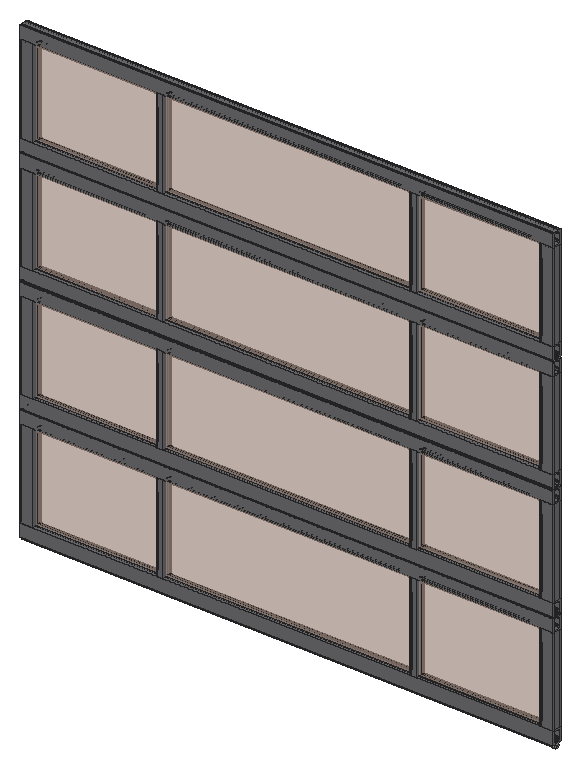
Revit family "GAS 12PUE CG", category Doors, host Wall, Revit 2024 (continued)
Forms (mm)
  Sweep 21, solid, material "ALUMINIUM CHAR (TEST)"
    profile origin (899.996, -68.525, 493) x (0, 0, -1) y (0, -1, 0)
      loop
        arc (-2.384, 57.368) -> (-2.167, 56.551) -> (-1.4, 56.192) r 1
        line (-1.4, 56.192) -> (-0.833, 56.892) -> (0, 56.892) -> (0, 54.893)
        arc (0, 54.893) -> (0.333, 54.559) -> (0.788, 54.681) r 0.471
        line (0.788, 54.681) -> (14.998, 68.891)
  Sweep 22, solid, material "ALUMINIUM CHAR (TEST)"
    path origin (-866.885, -68.525, 132.939) x (-1, 0, 0) y (0, 0, -1)
      loop
        line (323.108, -360.061) -> (323.108, 53.031) -> (-256.885, 53.031) -> (-256.885, -360.061) -> (323.108, -360.061)
    profile origin (-899.996, -68.525, 493) x (0, 0, 1) y (0, -1, 0)
      loop
        line (-14.998, 68.891) -> (-0.788, 54.681)
        arc (-0.788, 54.681) -> (-0.333, 54.559) -> (0, 54.893) r 0.471
        line (0, 54.893) -> (0, 56.892) -> (0.833, 56.892) -> (1.4, 56.192)
        arc (1.4, 56.192) -> (2.167, 56.551) -> (2.384, 57.368) r 1
        arc (2.384, 57.368) -> (2.295, 57.799) -> (1.9, 57.992) r 0.5
        line (1.9, 57.992) -> (-0.6, 57.992)
        arc (-0.6, 57.992) -> (-0.953, 57.846) -> (-1.1, 57.492) r 0.5
        line (-1.1, 57.492) -> (-1.1, 56.548) -> (-9.421, 64.869) -> (-6.899, 67.391) -> (-6.899, 68.791) -> (1.6, 68.791)
        arc (1.6, 68.791) -> (2.165, 69.025) -> (2.4, 69.591) r 0.8
        line (2.4, 69.591) -> (2.4, 72.391)
        arc (2.4, 72.391) -> (1.9, 72.891) -> (1.4, 72.391) r 0.5
        line (1.4, 72.391) -> (1.4, 69.891) -> (-8.299, 69.891)
        arc (-8.299, 69.891) -> (-8.699, 69.491) -> (-8.299, 69.091) r 0.4
        line (-8.299, 69.091) -> (-7.999, 67.847) -> (-10.199, 65.647) -> (-12.521, 67.969) -> (-11.399, 69.091)
        arc (-11.399, 69.091) -> (-10.902, 69.429) -> (-11.286, 69.891) r 0.406
        line (-11.286, 69.891) -> (-12.154, 69.891) -> (-12.991, 69.054) -> (-13.799, 69.054) -> (-13.799, 69.891) -> (-14.998, 69.891) -> (-14.998, 68.891)
  Sweep 23, solid, material "ALUMINIUM CHAR (TEST)"
    path origin (63.499, -68.525, 132.939) x (1, 0, 0) y (0, 0, 1)
      loop
        line (516.501, 360.061) -> (-643.499, 360.061) -> (-643.499, -52.939) -> (516.501, -52.939) -> (516.501, 360.061)
    profile origin (0, -68.525, 493) x (0, 0, -1) y (0, -1, 0)
      loop
        line (14.998, 68.891) -> (14.998, 69.891) -> (13.799, 69.891) -> (13.799, 69.054) -> (12.991, 69.054) -> (12.154, 69.891) -> (11.286, 69.891)
        arc (11.286, 69.891) -> (10.902, 69.429) -> (11.399, 69.091) r 0.406
        line (11.399, 69.091) -> (12.521, 67.969) -> (10.199, 65.647) -> (7.999, 67.847) -> (8.299, 69.091)
        arc (8.299, 69.091) -> (8.699, 69.491) -> (8.299, 69.891) r 0.4
        line (8.299, 69.891) -> (-1.4, 69.891) -> (-1.4, 72.391)
        arc (-1.4, 72.391) -> (-1.9, 72.891) -> (-2.4, 72.391) r 0.5
        line (-2.4, 72.391) -> (-2.4, 69.591)
        arc (-2.4, 69.591) -> (-2.165, 69.025) -> (-1.6, 68.791) r 0.8
        line (-1.6, 68.791) -> (6.899, 68.791) -> (6.899, 67.391) -> (9.421, 64.869) -> (1.1, 56.548) -> (1.1, 57.492)
        arc (1.1, 57.492) -> (0.953, 57.846) -> (0.6, 57.992) r 0.5
        line (0.6, 57.992) -> (-1.9, 57.992)
        arc (-1.9, 57.992) -> (-2.295, 57.799) -> (-2.384, 57.368) r 0.5
        arc (-2.384, 57.368) -> (-2.167, 56.551) -> (-1.4, 56.192) r 1
        line (-1.4, 56.192) -> (-0.833, 56.892) -> (0, 56.892) -> (0, 54.893)
        arc (0, 54.893) -> (0.333, 54.559) -> (0.788, 54.681) r 0.471
        line (0.788, 54.681) -> (14.998, 68.891)
  Extrusion 24, solid, material "FROSTED BRONZE GLASS"
    sketch origin (-335.5, -147.287, -431.546) x (0, 1, 0) y (0, 0, -1)
      loop
        line (8.871, -2002.546) -> (8.871, -1589.546) -> (2.871, -1589.546) -> (2.871, -2002.546) -> (8.871, -2002.546)
    from 274.5 to 854.5
  Extrusion 25, solid, material "FROSTED BRONZE GLASS"
    sketch origin (335.5, -147.287, -431.546) x (0, 1, 0) y (0, 0, 1)
      loop
        line (8.871, 2002.546) -> (2.871, 2002.546) -> (2.871, 1589.546) -> (8.871, 1589.546) -> (8.871, 2002.546)
    from 274.5 to 854.5
  Extrusion 26, solid, material "FROSTED BRONZE GLASS"
    sketch origin (-467.893, -147.287, -431.546) x (0, 1, 0) y (0, 0, 1)
      loop
        line (8.871, 2002.546) -> (2.871, 2002.546) -> (2.871, 1589.546) -> (8.871, 1589.546) -> (8.871, 2002.546)
    from -112.107 to 1047.893
  Extrusion 27, solid, material "FROSTED BRONZE GLASS"
    sketch origin (-335.5, -147.287, -970.546) x (0, 1, 0) y (0, 0, -1)
      loop
        line (8.871, -2002.546) -> (8.871, -1589.546) -> (2.871, -1589.546) -> (2.871, -2002.546) -> (8.871, -2002.546)
    from 274.5 to 854.5
  Extrusion 28, solid, material "FROSTED BRONZE GLASS"
    sketch origin (335.5, -147.287, -970.546) x (0, 1, 0) y (0, 0, 1)
      loop
        line (8.871, 2002.546) -> (2.871, 2002.546) -> (2.871, 1589.546) -> (8.871, 1589.546) -> (8.871, 2002.546)
    from 274.5 to 854.5
  Extrusion 29, solid, material "FROSTED BRONZE GLASS"
    sketch origin (-467.893, -147.287, -970.546) x (0, 1, 0) y (0, 0, 1)
      loop
        line (8.871, 2002.546) -> (2.871, 2002.546) -> (2.871, 1589.546) -> (8.871, 1589.546) -> (8.871, 2002.546)
    from -112.107 to 1047.893
  Extrusion 30, solid, material "FROSTED BRONZE GLASS"
    sketch origin (-335.5, -147.287, -1509.546) x (0, 1, 0) y (0, 0, -1)
      loop
        line (8.871, -2002.546) -> (8.871, -1589.546) -> (2.871, -1589.546) -> (2.871, -2002.546) -> (8.871, -2002.546)
    from 274.5 to 854.5
  Extrusion 31, solid, material "FROSTED BRONZE GLASS"
    sketch origin (335.5, -147.287, -1509.546) x (0, 1, 0) y (0, 0, 1)
      loop
        line (8.871, 2002.546) -> (2.871, 2002.546) -> (2.871, 1589.546) -> (8.871, 1589.546) -> (8.871, 2002.546)
    from 274.5 to 854.5
  Extrusion 32, solid, material "FROSTED BRONZE GLASS"
    sketch origin (-467.893, -147.287, -1509.546) x (0, 1, 0) y (0, 0, 1)
      loop
        line (8.871, 2002.546) -> (2.871, 2002.546) -> (2.871, 1589.546) -> (8.871, 1589.546) -> (8.871, 2002.546)
    from -112.107 to 1047.893
Lines and regions (mm)
  Opening 1
    outline origin (-5000, 75, 0) x (-1, 0, 0) y (0, 0, 1)
      loop
        line (-3780, 0) -> (-3780, 2135) -> (-6220, 2135) -> (-6220, 0) -> (-3780, 0)
  symbolic lines, style "Elevation Swing"
    curve 1: line (-1250, -105, 1694) -> (-1250, -2275, 1694)
    curve 2: line (-1250, -2275, 1694) -> (1250, -2275, 1694)
    curve 3: line (1250, -2275, 1694) -> (1250, -105, 1694)
Text (mm)
  text "Exterior" at (-2295.016, 1099.543, 0), in view "Ref. Level"
  text "Exterior" at (0, 1615.38, 3698.081), in view "Left"
  text "Exterior" at (0, 1036.032, 3874.932), in view "Right"
Dimensions and locks
  equal spacing: plane 3 "Left", plane 2 "Center (Left/Right)", plane 4 "Right"
  "Width": plane 3 "Left" to plane 4 "Right"
  "Height": plane 5 to host wall
  locked: plane 6 "Exterior" to host wall
  locked: plane 7 "Interior" to host wall
  "Wall Opening": plane 3 "Left" to plane 4 "Right"
  plane 10 "Garage Right" to plane 9 "Garage Left" = 2500 mm
  level to plane 11 "Garage Top" = 2170 mm
  plane 11 "Garage Top" to level = 2170 mm
  aligned and locked: host wall to plane 1
  aligned and locked: Opening 1 sketch curve to level
Automatic sketch dimensions
  curve 1 to plane 10 "Garage Right" = 0 mm
  curve 3 to plane 9 "Garage Left" = 0 mm
  curve 1 to plane 12 = 2160 mm
  plane 12 to curve 3 = 10 mm
  plane 12 to curve 1 = 10 mm
  plane 4 "Right" to Opening 1 sketch curve = 0 mm
  plane 3 "Left" to Opening 1 sketch curve = 0 mm
  Opening 1 sketch curve to plane 5 = 0 mm
  plane 11 "Garage Top" to Extrusion 1 sketch curve = 0 mm  (x3)
  Extrusion 1 sketch curve to plane 12 = 0.1 mm  (x2)
  Extrusion 1 sketch curve to plane 12 = 1.85 mm  (x6)
  Extrusion 1 sketch curve to Extrusion 1 sketch curve = 0.05 mm  (x2)
  Extrusion 1 sketch curve to Extrusion 1 sketch curve = 0.55 mm  (x10)
  Extrusion 1 sketch curve to Extrusion 1 sketch curve = 2.1 mm  (x4)
  Extrusion 1 sketch curve to Extrusion 1 sketch curve = 4.95 mm  (x2)
  plane 11 "Garage Top" to Extrusion 1 sketch curve = 1.8 mm  (x4)
  Extrusion 1 sketch curve to Extrusion 1 sketch curve = 4 mm  (x4)
  Extrusion 1 sketch curve to Extrusion 1 sketch curve = 1.8 mm  (x15)
  Extrusion 1 sketch curve to Extrusion 1 sketch curve = 2 mm  (x9)
  Extrusion 1 sketch curve to Extrusion 1 sketch curve = 1.5 mm  (x2)
  Extrusion 1 sketch curve to Extrusion 1 sketch curve = 14 mm  (x2)
  Extrusion 1 sketch curve to Extrusion 1 sketch curve = 2.75 mm  (x2)
  Extrusion 1 sketch curve to Extrusion 1 sketch curve = 20.6 mm  (x2)
  Extrusion 1 sketch curve to Extrusion 1 sketch curve = 1.6 mm  (x6)
  plane 11 "Garage Top" to Extrusion 1 sketch curve = 13.5 mm
  plane 5 to Extrusion 1 sketch curve = 11.7 mm
  Extrusion 1 sketch curve to Extrusion 1 sketch curve = 13.15 mm  (x2)
  plane 11 "Garage Top" to Extrusion 1 sketch curve = 12.547 mm
  plane 11 "Garage Top" to Extrusion 1 sketch curve = 17.453 mm
  Extrusion 1 sketch curve to Extrusion 1 sketch curve = 1.75 mm  (x2)
  Extrusion 1 sketch curve to Extrusion 1 sketch curve = 0 mm  (x4)
  Extrusion 1 sketch curve to Extrusion 1 sketch curve = 7.147 mm  (x3)
  Extrusion 1 sketch curve to Extrusion 1 sketch curve = 0.953 mm  (x15)
  Extrusion 1 sketch curve to Extrusion 1 sketch curve = 3 mm  (x6)
  Extrusion 1 sketch curve to Extrusion 1 sketch curve = 3.953 mm
  plane 5 to Extrusion 1 sketch curve = 7.747 mm
  Extrusion 1 sketch curve to Extrusion 1 sketch curve = 7.947 mm  (x2)
  Extrusion 1 sketch curve to Extrusion 1 sketch curve = 0.8 mm
  Extrusion 1 sketch curve to Extrusion 1 sketch curve = 2.6 mm
  Extrusion 1 sketch curve to Extrusion 1 sketch curve = 1.205 mm
  Extrusion 1 sketch curve to Extrusion 1 sketch curve = 1.293 mm  (x2)
  Extrusion 1 sketch curve to Extrusion 1 sketch curve = 0.241 mm  (x2)
  Extrusion 1 sketch curve to Extrusion 1 sketch curve = 0.402 mm  (x2)
  Extrusion 1 sketch curve to Extrusion 1 sketch curve = 0.993 mm  (x2)
  level to Extrusion 1 sketch curve = 79.909 mm
  Extrusion 1 sketch curve to Extrusion 1 sketch curve = 1.066 mm
  Extrusion 1 sketch curve to Extrusion 1 sketch curve = 0.405 mm
  Extrusion 1 sketch curve to Extrusion 1 sketch curve = 10.547 mm
  Extrusion 1 sketch curve to Extrusion 1 sketch curve = 25.295 mm  (x2)
  Extrusion 2 sketch curve to plane 12 = 0.1 mm  (x6)
  Extrusion 2 sketch curve to plane 12 = 1.85 mm  (x18)
  Extrusion 2 sketch curve to Extrusion 2 sketch curve = 0.05 mm  (x7)
  Extrusion 2 sketch curve to plane 12 = 1.9 mm  (x3)
  Extrusion 2 sketch curve to Extrusion 2 sketch curve = 0.55 mm  (x26)
  Extrusion 2 sketch curve to Extrusion 2 sketch curve = 2.1 mm  (x12)
  Extrusion 2 sketch curve to Extrusion 2 sketch curve = 4.95 mm  (x6)
  Extrusion 2 sketch curve to Extrusion 2 sketch curve = 4 mm  (x12)
  Extrusion 2 sketch curve to Extrusion 2 sketch curve = 1.8 mm  (x58)
  Extrusion 2 sketch curve to Extrusion 2 sketch curve = 2 mm  (x29)
  Extrusion 2 sketch curve to Extrusion 2 sketch curve = 1.5 mm  (x6)
  Extrusion 2 sketch curve to Extrusion 2 sketch curve = 14 mm  (x6)
  Extrusion 2 sketch curve to Extrusion 2 sketch curve = 2.75 mm  (x6)
  Extrusion 2 sketch curve to Extrusion 2 sketch curve = 20.6 mm  (x3)
  Extrusion 2 sketch curve to Extrusion 2 sketch curve = 0 mm  (x19)
  Extrusion 2 sketch curve to Extrusion 2 sketch curve = 13.15 mm  (x6)
  Extrusion 2 sketch curve to Extrusion 2 sketch curve = 9.4 mm  (x3)
  Extrusion 2 sketch curve to Extrusion 2 sketch curve = 1.6 mm  (x15)
  Extrusion 2 sketch curve to Extrusion 2 sketch curve = 1.75 mm
  plane 5 to Extrusion 2 sketch curve = 438 mm
  Extrusion 2 sketch curve to Extrusion 2 sketch curve = 0.993 mm  (x6)
  Extrusion 2 sketch curve to Extrusion 2 sketch curve = 1.066 mm  (x4)
  Extrusion 2 sketch curve to Extrusion 2 sketch curve = 0.241 mm  (x6)
  Extrusion 2 sketch curve to Extrusion 2 sketch curve = 0.402 mm  (x6)
  Extrusion 2 sketch curve to Extrusion 2 sketch curve = 0.493 mm  (x3)
  Extrusion 2 sketch curve to Extrusion 2 sketch curve = 1.205 mm  (x4)
  Extrusion 2 sketch curve to Extrusion 2 sketch curve = 7.947 mm  (x6)
  Extrusion 2 sketch curve to Extrusion 2 sketch curve = 10.547 mm  (x6)
  Extrusion 2 sketch curve to Extrusion 2 sketch curve = 0.953 mm  (x48)
  Extrusion 2 sketch curve to Extrusion 2 sketch curve = 3 mm  (x24)
  Extrusion 2 sketch curve to Extrusion 2 sketch curve = 25.295 mm  (x12)
  Extrusion 2 sketch curve to Extrusion 2 sketch curve = 7.147 mm  (x12)
  Extrusion 2 sketch curve to Extrusion 2 sketch curve = 6 mm  (x6)
  Extrusion 2 sketch curve to Extrusion 2 sketch curve = 0.8 mm  (x3)
  Extrusion 2 sketch curve to Extrusion 2 sketch curve = 1.293 mm  (x5)
  Extrusion 2 sketch curve to Extrusion 2 sketch curve = 413 mm  (x2)
  Extrusion 3 sketch curve to level = 0 mm
  Extrusion 3 sketch curve to plane 12 = 32.1 mm
  Extrusion 3 sketch curve to Extrusion 3 sketch curve = 5 mm  (x2)
  Extrusion 3 sketch curve to Extrusion 3 sketch curve = 2 mm  (x2)
  level to Extrusion 3 sketch curve = 2.881 mm
  Extrusion 3 sketch curve to Extrusion 3 sketch curve = 3 mm  (x2)
  Extrusion 3 sketch curve to Extrusion 3 sketch curve = 6 mm
  Extrusion 3 sketch curve to Extrusion 3 sketch curve = 11.123 mm
  Extrusion 3 sketch curve to Extrusion 3 sketch curve = 0 mm  (x4)
  Extrusion 3 sketch curve to Extrusion 3 sketch curve = 0.629 mm
  Extrusion 3 sketch curve to Extrusion 3 sketch curve = 2.276 mm
  Extrusion 3 sketch curve to Extrusion 3 sketch curve = 2.905 mm
  Extrusion 3 sketch curve to Extrusion 3 sketch curve = 1.368 mm
  Extrusion 3 sketch curve to Extrusion 3 sketch curve = 4.624 mm
  Extrusion 4 sketch curve to plane 12 = 41.25 mm  (x3)
  Extrusion 4 sketch curve to Extrusion 4 sketch curve = 0 mm  (x27)
  Extrusion 4 sketch curve to Extrusion 4 sketch curve = 2.5 mm  (x24)
  Extrusion 4 sketch curve to Extrusion 4 sketch curve = 1 mm  (x24)
  Extrusion 4 sketch curve to plane 12 = 8.95 mm  (x6)
  level to Extrusion 4 sketch curve = 549.846 mm
  Extrusion 4 sketch curve to Extrusion 4 sketch curve = 2.027 mm  (x15)
  Extrusion 4 sketch curve to Extrusion 4 sketch curve = 6.253 mm  (x6)
  Extrusion 4 sketch curve to Extrusion 4 sketch curve = 526.693 mm
  plane 5 to Extrusion 4 sketch curve = 507.154 mm
  Extrusion 4 sketch curve to Extrusion 4 sketch curve = 2.489 mm  (x12)
  Extrusion 4 sketch curve to Extrusion 4 sketch curve = 1.503 mm  (x12)
  Extrusion 9 sketch curve to plane 12 = 29.416 mm
  Extrusion 9 sketch curve to Extrusion 9 sketch curve = 6 mm
  plane 5 to Extrusion 9 sketch curve = 25 mm
  Extrusion 9 sketch curve to Extrusion 9 sketch curve = 413 mm
  Extrusion 10 sketch curve to plane 12 = 29.416 mm
  Extrusion 10 sketch curve to Extrusion 10 sketch curve = 6 mm
  plane 5 to Extrusion 10 sketch curve = 438 mm
  plane 5 to Extrusion 10 sketch curve = 25 mm
  Sweep 11 sketch curve to profile plane = 0 mm
  profile plane to Sweep 11 sketch curve = 0.833 mm
  profile plane to Sweep 11 sketch curve = 1.4 mm
  Sweep 11 sketch curve to Sweep 11 sketch curve = 0.567 mm
  Sweep 11 sketch curve to Sweep 11 sketch curve = 0.2 mm
  Sweep 11 sketch curve to Sweep 11 sketch curve = 0.5 mm  (x3)
  Sweep 11 sketch curve to profile plane = 0.455 mm
  Sweep 11 sketch curve to profile plane = 0.6 mm
  Sweep 11 sketch curve to Sweep 11 sketch curve = 0.333 mm
  Sweep 11 sketch curve to profile plane = 6.899 mm
  Sweep 11 sketch curve to Sweep 11 sketch curve = 1.1 mm
  Sweep 11 sketch curve to Sweep 11 sketch curve = 1.4 mm  (x2)
  Sweep 11 sketch curve to Sweep 11 sketch curve = 1.422 mm
  Sweep 11 sketch curve to Sweep 11 sketch curve = 0.778 mm  (x2)
  Sweep 11 sketch curve to Sweep 11 sketch curve = 2.987 mm
  Sweep 11 sketch curve to Sweep 11 sketch curve = 0.018 mm
  Sweep 11 sketch curve to Sweep 11 sketch curve = 0.095 mm
  Sweep 11 sketch curve to Sweep 11 sketch curve = 0.868 mm
  Sweep 11 sketch curve to Sweep 11 sketch curve = 1.122 mm  (x2)
  Sweep 11 sketch curve to Sweep 11 sketch curve = 0.47 mm
  Sweep 11 sketch curve to Sweep 11 sketch curve = 0.807 mm
  Sweep 11 sketch curve to Sweep 11 sketch curve = 1.2 mm
  profile plane to Sweep 11 sketch curve = 54.681 mm
  Sweep 11 sketch curve to Sweep 11 sketch curve = 0.212 mm
  Sweep 11 sketch curve to Sweep 11 sketch curve = 1.3 mm
  Sweep 11 sketch curve to Sweep 11 sketch curve = 1.535 mm
  Sweep 11 sketch curve to Sweep 11 sketch curve = 0.7 mm
  Sweep 11 sketch curve to Sweep 11 sketch curve = 0.3 mm  (x2)
  Sweep 11 sketch curve to Sweep 11 sketch curve = 0.6 mm
  Sweep 11 sketch curve to Sweep 11 sketch curve = 7.377 mm
  Sweep 11 sketch curve to Sweep 11 sketch curve = 0.456 mm
  Sweep 11 sketch curve to Sweep 11 sketch curve = 0.922 mm
  Sweep 11 sketch curve to Sweep 11 sketch curve = 0.163 mm
  Sweep 11 sketch curve to Sweep 11 sketch curve = 1.244 mm
  Sweep 11 sketch curve to Sweep 11 sketch curve = 0.394 mm
  Sweep 11 sketch curve to Sweep 11 sketch curve = 0.4 mm
  Sweep 11 sketch curve to Sweep 11 sketch curve = 0.837 mm
  Sweep 11 sketch curve to Sweep 11 sketch curve = 2.5 mm
  profile plane to Sweep 12 sketch curve = 0 mm
  profile plane to Sweep 12 sketch curve = 0.455 mm
  profile plane to Sweep 12 sketch curve = 0.6 mm
  Sweep 12 sketch curve to Sweep 12 sketch curve = 0.333 mm
  Sweep 12 sketch curve to Sweep 12 sketch curve = 0.5 mm  (x3)
  profile plane to Sweep 12 sketch curve = 6.899 mm
  Sweep 12 sketch curve to Sweep 12 sketch curve = 1.1 mm
  Sweep 12 sketch curve to Sweep 12 sketch curve = 0.3 mm  (x3)
  Sweep 12 sketch curve to Sweep 12 sketch curve = 1.422 mm
  Sweep 12 sketch curve to Sweep 12 sketch curve = 0.778 mm  (x2)
  Sweep 12 sketch curve to Sweep 12 sketch curve = 2.987 mm
  Sweep 12 sketch curve to Sweep 12 sketch curve = 0.018 mm
  Sweep 12 sketch curve to Sweep 12 sketch curve = 0.095 mm
  Sweep 12 sketch curve to Sweep 12 sketch curve = 0.868 mm
  Sweep 12 sketch curve to Sweep 12 sketch curve = 1.122 mm  (x2)
  Sweep 12 sketch curve to Sweep 12 sketch curve = 0.47 mm
  Sweep 12 sketch curve to Sweep 12 sketch curve = 0.807 mm
  Sweep 12 sketch curve to Sweep 12 sketch curve = 1.2 mm
  Sweep 12 sketch curve to profile plane = 0.833 mm
  Sweep 12 sketch curve to profile plane = 1.4 mm
  Sweep 12 sketch curve to Sweep 12 sketch curve = 0.567 mm
  Sweep 12 sketch curve to Sweep 12 sketch curve = 0.2 mm
  profile plane to Sweep 12 sketch curve = 54.681 mm
  Sweep 12 sketch curve to Sweep 12 sketch curve = 0.212 mm
  Sweep 12 sketch curve to Sweep 12 sketch curve = 1.3 mm
  Sweep 12 sketch curve to Sweep 12 sketch curve = 1.535 mm
  Sweep 12 sketch curve to Sweep 12 sketch curve = 0.7 mm
  Sweep 12 sketch curve to Sweep 12 sketch curve = 0.6 mm
  Sweep 12 sketch curve to Sweep 12 sketch curve = 7.377 mm
  Sweep 12 sketch curve to Sweep 12 sketch curve = 0.456 mm
  Sweep 12 sketch curve to Sweep 12 sketch curve = 1.4 mm
  Sweep 12 sketch curve to Sweep 12 sketch curve = 0.922 mm
  Sweep 12 sketch curve to Sweep 12 sketch curve = 0.163 mm
  Sweep 12 sketch curve to Sweep 12 sketch curve = 1.244 mm
  Sweep 12 sketch curve to Sweep 12 sketch curve = 0.394 mm
  Sweep 12 sketch curve to Sweep 12 sketch curve = 0.4 mm
  Sweep 12 sketch curve to Sweep 12 sketch curve = 0.837 mm
  Sweep 12 sketch curve to Sweep 12 sketch curve = 2.5 mm
  Extrusion 13 sketch curve to plane 12 = 29.416 mm
  Extrusion 13 sketch curve to Extrusion 13 sketch curve = 6 mm
  plane 5 to Extrusion 13 sketch curve = 438 mm
  plane 5 to Extrusion 13 sketch curve = 25 mm
  Sweep 14 sketch curve to profile plane = 0 mm
  profile plane to Sweep 14 sketch curve = 0.833 mm
  profile plane to Sweep 14 sketch curve = 1.4 mm
  Sweep 14 sketch curve to Sweep 14 sketch curve = 0.567 mm
  Sweep 14 sketch curve to Sweep 14 sketch curve = 0.2 mm
  Sweep 14 sketch curve to Sweep 14 sketch curve = 0.5 mm  (x3)
  Sweep 14 sketch curve to profile plane = 0.455 mm
  Sweep 14 sketch curve to profile plane = 0.6 mm
  Sweep 14 sketch curve to Sweep 14 sketch curve = 0.333 mm
  Sweep 14 sketch curve to profile plane = 6.899 mm
  Sweep 14 sketch curve to Sweep 14 sketch curve = 1.1 mm
  Sweep 14 sketch curve to Sweep 14 sketch curve = 1.4 mm  (x2)
  Sweep 14 sketch curve to Sweep 14 sketch curve = 1.422 mm
  Sweep 14 sketch curve to Sweep 14 sketch curve = 0.778 mm  (x2)
  Sweep 14 sketch curve to Sweep 14 sketch curve = 2.987 mm
  Sweep 14 sketch curve to Sweep 14 sketch curve = 0.018 mm
  Sweep 14 sketch curve to Sweep 14 sketch curve = 0.095 mm
  Sweep 14 sketch curve to Sweep 14 sketch curve = 0.868 mm
  Sweep 14 sketch curve to Sweep 14 sketch curve = 1.122 mm  (x2)
  Sweep 14 sketch curve to Sweep 14 sketch curve = 0.47 mm
  Sweep 14 sketch curve to Sweep 14 sketch curve = 0.807 mm
  Sweep 14 sketch curve to Sweep 14 sketch curve = 1.2 mm
  profile plane to Sweep 14 sketch curve = 54.681 mm
  Sweep 14 sketch curve to Sweep 14 sketch curve = 0.212 mm
  Sweep 14 sketch curve to Sweep 14 sketch curve = 1.3 mm
  Sweep 14 sketch curve to Sweep 14 sketch curve = 1.535 mm
  Sweep 14 sketch curve to Sweep 14 sketch curve = 0.7 mm
  Sweep 14 sketch curve to Sweep 14 sketch curve = 0.3 mm  (x2)
  Sweep 14 sketch curve to Sweep 14 sketch curve = 0.6 mm
  Sweep 14 sketch curve to Sweep 14 sketch curve = 7.377 mm
  Sweep 14 sketch curve to Sweep 14 sketch curve = 0.456 mm
  Sweep 14 sketch curve to Sweep 14 sketch curve = 0.922 mm
  Sweep 14 sketch curve to Sweep 14 sketch curve = 0.163 mm
  Sweep 14 sketch curve to Sweep 14 sketch curve = 1.244 mm
  Sweep 14 sketch curve to Sweep 14 sketch curve = 0.394 mm
  Sweep 14 sketch curve to Sweep 14 sketch curve = 0.4 mm
  Sweep 14 sketch curve to Sweep 14 sketch curve = 0.837 mm
  Sweep 14 sketch curve to Sweep 14 sketch curve = 2.5 mm
  Sweep 15 sketch curve to profile plane = 0 mm
  profile plane to Sweep 15 sketch curve = 0.833 mm
  profile plane to Sweep 15 sketch curve = 1.4 mm
  Sweep 15 sketch curve to Sweep 15 sketch curve = 0.567 mm
  Sweep 15 sketch curve to Sweep 15 sketch curve = 0.2 mm
  Sweep 15 sketch curve to Sweep 15 sketch curve = 0.5 mm  (x3)
  Sweep 15 sketch curve to profile plane = 0.455 mm
  Sweep 15 sketch curve to profile plane = 0.6 mm
  Sweep 15 sketch curve to Sweep 15 sketch curve = 0.333 mm
  Sweep 15 sketch curve to profile plane = 6.899 mm
  Sweep 15 sketch curve to Sweep 15 sketch curve = 1.1 mm
  Sweep 15 sketch curve to Sweep 15 sketch curve = 1.4 mm  (x2)
  Sweep 15 sketch curve to Sweep 15 sketch curve = 1.422 mm
  Sweep 15 sketch curve to Sweep 15 sketch curve = 0.778 mm  (x2)
  Sweep 15 sketch curve to Sweep 15 sketch curve = 2.987 mm
  Sweep 15 sketch curve to Sweep 15 sketch curve = 0.018 mm
  Sweep 15 sketch curve to Sweep 15 sketch curve = 0.095 mm
  Sweep 15 sketch curve to Sweep 15 sketch curve = 0.868 mm
  Sweep 15 sketch curve to Sweep 15 sketch curve = 1.122 mm  (x2)
  Sweep 15 sketch curve to Sweep 15 sketch curve = 0.47 mm
  Sweep 15 sketch curve to Sweep 15 sketch curve = 0.807 mm
  Sweep 15 sketch curve to Sweep 15 sketch curve = 1.2 mm
  profile plane to Sweep 15 sketch curve = 54.681 mm
  Sweep 15 sketch curve to Sweep 15 sketch curve = 0.212 mm
  Sweep 15 sketch curve to Sweep 15 sketch curve = 1.3 mm
  Sweep 15 sketch curve to Sweep 15 sketch curve = 1.535 mm
  Sweep 15 sketch curve to Sweep 15 sketch curve = 0.7 mm
  Sweep 15 sketch curve to Sweep 15 sketch curve = 0.3 mm  (x2)
  Sweep 15 sketch curve to Sweep 15 sketch curve = 0.6 mm
  Sweep 15 sketch curve to Sweep 15 sketch curve = 7.377 mm
  Sweep 15 sketch curve to Sweep 15 sketch curve = 0.456 mm
  Sweep 15 sketch curve to Sweep 15 sketch curve = 0.922 mm
  Sweep 15 sketch curve to Sweep 15 sketch curve = 0.163 mm
  Sweep 15 sketch curve to Sweep 15 sketch curve = 1.244 mm
  Sweep 15 sketch curve to Sweep 15 sketch curve = 0.394 mm
  Sweep 15 sketch curve to Sweep 15 sketch curve = 0.4 mm
  Sweep 15 sketch curve to Sweep 15 sketch curve = 0.837 mm
  Sweep 15 sketch curve to Sweep 15 sketch curve = 2.5 mm
  profile plane to Sweep 16 sketch curve = 0 mm
  profile plane to Sweep 16 sketch curve = 0.455 mm
  profile plane to Sweep 16 sketch curve = 0.6 mm
  Sweep 16 sketch curve to Sweep 16 sketch curve = 0.333 mm
  Sweep 16 sketch curve to Sweep 16 sketch curve = 0.5 mm  (x3)
  profile plane to Sweep 16 sketch curve = 6.899 mm
  Sweep 16 sketch curve to Sweep 16 sketch curve = 1.1 mm
  Sweep 16 sketch curve to Sweep 16 sketch curve = 0.3 mm  (x3)
  Sweep 16 sketch curve to Sweep 16 sketch curve = 1.422 mm
  Sweep 16 sketch curve to Sweep 16 sketch curve = 0.778 mm  (x2)
  Sweep 16 sketch curve to Sweep 16 sketch curve = 2.987 mm
  Sweep 16 sketch curve to Sweep 16 sketch curve = 0.018 mm
  Sweep 16 sketch curve to Sweep 16 sketch curve = 0.095 mm
  Sweep 16 sketch curve to Sweep 16 sketch curve = 0.868 mm
  Sweep 16 sketch curve to Sweep 16 sketch curve = 1.122 mm  (x2)
  Sweep 16 sketch curve to Sweep 16 sketch curve = 0.47 mm
  Sweep 16 sketch curve to Sweep 16 sketch curve = 0.807 mm
  Sweep 16 sketch curve to Sweep 16 sketch curve = 1.2 mm
  Sweep 16 sketch curve to profile plane = 0.833 mm
  Sweep 16 sketch curve to profile plane = 1.4 mm
  Sweep 16 sketch curve to Sweep 16 sketch curve = 0.567 mm
  Sweep 16 sketch curve to Sweep 16 sketch curve = 0.2 mm
  profile plane to Sweep 16 sketch curve = 54.681 mm
  Sweep 16 sketch curve to Sweep 16 sketch curve = 0.212 mm
  Sweep 16 sketch curve to Sweep 16 sketch curve = 1.3 mm
  Sweep 16 sketch curve to Sweep 16 sketch curve = 1.535 mm
  Sweep 16 sketch curve to Sweep 16 sketch curve = 0.7 mm
  Sweep 16 sketch curve to Sweep 16 sketch curve = 0.6 mm
  Sweep 16 sketch curve to Sweep 16 sketch curve = 7.377 mm
  Sweep 16 sketch curve to Sweep 16 sketch curve = 0.456 mm
  Sweep 16 sketch curve to Sweep 16 sketch curve = 1.4 mm
  Sweep 16 sketch curve to Sweep 16 sketch curve = 0.922 mm
  Sweep 16 sketch curve to Sweep 16 sketch curve = 0.163 mm
  Sweep 16 sketch curve to Sweep 16 sketch curve = 1.244 mm
  Sweep 16 sketch curve to Sweep 16 sketch curve = 0.394 mm
  Sweep 16 sketch curve to Sweep 16 sketch curve = 0.4 mm
  Sweep 16 sketch curve to Sweep 16 sketch curve = 0.837 mm
  Sweep 16 sketch curve to Sweep 16 sketch curve = 2.5 mm
  Sweep 17 sketch curve to profile plane = 0 mm
  profile plane to Sweep 17 sketch curve = 0.833 mm
  profile plane to Sweep 17 sketch curve = 1.4 mm
  Sweep 17 sketch curve to Sweep 17 sketch curve = 0.567 mm
  Sweep 17 sketch curve to Sweep 17 sketch curve = 0.2 mm
  Sweep 17 sketch curve to Sweep 17 sketch curve = 0.5 mm  (x3)
  Sweep 17 sketch curve to profile plane = 0.455 mm
  Sweep 17 sketch curve to profile plane = 0.6 mm
  Sweep 17 sketch curve to Sweep 17 sketch curve = 0.333 mm
  Sweep 17 sketch curve to profile plane = 6.899 mm
  Sweep 17 sketch curve to Sweep 17 sketch curve = 1.1 mm
  Sweep 17 sketch curve to Sweep 17 sketch curve = 1.4 mm  (x2)
  Sweep 17 sketch curve to Sweep 17 sketch curve = 1.422 mm
  Sweep 17 sketch curve to Sweep 17 sketch curve = 0.778 mm  (x2)
  Sweep 17 sketch curve to Sweep 17 sketch curve = 2.987 mm
  Sweep 17 sketch curve to Sweep 17 sketch curve = 0.018 mm
  Sweep 17 sketch curve to Sweep 17 sketch curve = 0.095 mm
  Sweep 17 sketch curve to Sweep 17 sketch curve = 0.868 mm
  Sweep 17 sketch curve to Sweep 17 sketch curve = 1.122 mm  (x2)
  Sweep 17 sketch curve to Sweep 17 sketch curve = 0.47 mm
  Sweep 17 sketch curve to Sweep 17 sketch curve = 0.807 mm
  Sweep 17 sketch curve to Sweep 17 sketch curve = 1.2 mm
  profile plane to Sweep 17 sketch curve = 54.681 mm
  Sweep 17 sketch curve to Sweep 17 sketch curve = 0.212 mm
  Sweep 17 sketch curve to Sweep 17 sketch curve = 1.3 mm
  Sweep 17 sketch curve to Sweep 17 sketch curve = 1.535 mm
  Sweep 17 sketch curve to Sweep 17 sketch curve = 0.7 mm
  Sweep 17 sketch curve to Sweep 17 sketch curve = 0.3 mm  (x2)
  Sweep 17 sketch curve to Sweep 17 sketch curve = 0.6 mm
  Sweep 17 sketch curve to Sweep 17 sketch curve = 7.377 mm
  Sweep 17 sketch curve to Sweep 17 sketch curve = 0.456 mm
  Sweep 17 sketch curve to Sweep 17 sketch curve = 0.922 mm
  Sweep 17 sketch curve to Sweep 17 sketch curve = 0.163 mm
  Sweep 17 sketch curve to Sweep 17 sketch curve = 1.244 mm
  Sweep 17 sketch curve to Sweep 17 sketch curve = 0.394 mm
  Sweep 17 sketch curve to Sweep 17 sketch curve = 0.4 mm
  Sweep 17 sketch curve to Sweep 17 sketch curve = 0.837 mm
  Sweep 17 sketch curve to Sweep 17 sketch curve = 2.5 mm
  Sweep 18 sketch curve to profile plane = 0 mm
  profile plane to Sweep 18 sketch curve = 0.833 mm
  profile plane to Sweep 18 sketch curve = 1.4 mm
  Sweep 18 sketch curve to Sweep 18 sketch curve = 0.567 mm
  Sweep 18 sketch curve to Sweep 18 sketch curve = 0.2 mm
  Sweep 18 sketch curve to Sweep 18 sketch curve = 0.5 mm  (x3)
  Sweep 18 sketch curve to profile plane = 0.455 mm
  Sweep 18 sketch curve to profile plane = 0.6 mm
  Sweep 18 sketch curve to Sweep 18 sketch curve = 0.333 mm
  Sweep 18 sketch curve to profile plane = 6.899 mm
  Sweep 18 sketch curve to Sweep 18 sketch curve = 1.1 mm
  Sweep 18 sketch curve to Sweep 18 sketch curve = 1.4 mm  (x2)
  Sweep 18 sketch curve to Sweep 18 sketch curve = 1.422 mm
  Sweep 18 sketch curve to Sweep 18 sketch curve = 0.778 mm  (x2)
  Sweep 18 sketch curve to Sweep 18 sketch curve = 2.987 mm
  Sweep 18 sketch curve to Sweep 18 sketch curve = 0.018 mm
  Sweep 18 sketch curve to Sweep 18 sketch curve = 0.095 mm
  Sweep 18 sketch curve to Sweep 18 sketch curve = 0.868 mm
  Sweep 18 sketch curve to Sweep 18 sketch curve = 1.122 mm  (x2)
  Sweep 18 sketch curve to Sweep 18 sketch curve = 0.47 mm
  Sweep 18 sketch curve to Sweep 18 sketch curve = 0.807 mm
  Sweep 18 sketch curve to Sweep 18 sketch curve = 1.2 mm
  profile plane to Sweep 18 sketch curve = 54.681 mm
  Sweep 18 sketch curve to Sweep 18 sketch curve = 0.212 mm
  Sweep 18 sketch curve to Sweep 18 sketch curve = 1.3 mm
  Sweep 18 sketch curve to Sweep 18 sketch curve = 1.535 mm
  Sweep 18 sketch curve to Sweep 18 sketch curve = 0.7 mm
  Sweep 18 sketch curve to Sweep 18 sketch curve = 0.3 mm  (x2)
  Sweep 18 sketch curve to Sweep 18 sketch curve = 0.6 mm
  Sweep 18 sketch curve to Sweep 18 sketch curve = 7.377 mm
  Sweep 18 sketch curve to Sweep 18 sketch curve = 0.456 mm
  Sweep 18 sketch curve to Sweep 18 sketch curve = 0.922 mm
  Sweep 18 sketch curve to Sweep 18 sketch curve = 0.163 mm
  Sweep 18 sketch curve to Sweep 18 sketch curve = 1.244 mm
  Sweep 18 sketch curve to Sweep 18 sketch curve = 0.394 mm
  Sweep 18 sketch curve to Sweep 18 sketch curve = 0.4 mm
  Sweep 18 sketch curve to Sweep 18 sketch curve = 0.837 mm
  Sweep 18 sketch curve to Sweep 18 sketch curve = 2.5 mm
  profile plane to Sweep 19 sketch curve = 0 mm
  profile plane to Sweep 19 sketch curve = 0.455 mm
  profile plane to Sweep 19 sketch curve = 0.6 mm
  Sweep 19 sketch curve to Sweep 19 sketch curve = 0.333 mm
  Sweep 19 sketch curve to Sweep 19 sketch curve = 0.5 mm  (x3)
  profile plane to Sweep 19 sketch curve = 6.899 mm
  Sweep 19 sketch curve to Sweep 19 sketch curve = 1.1 mm
  Sweep 19 sketch curve to Sweep 19 sketch curve = 0.3 mm  (x3)
  Sweep 19 sketch curve to Sweep 19 sketch curve = 1.422 mm
  Sweep 19 sketch curve to Sweep 19 sketch curve = 0.778 mm  (x2)
  Sweep 19 sketch curve to Sweep 19 sketch curve = 2.987 mm
  Sweep 19 sketch curve to Sweep 19 sketch curve = 0.018 mm
  Sweep 19 sketch curve to Sweep 19 sketch curve = 0.095 mm
  Sweep 19 sketch curve to Sweep 19 sketch curve = 0.868 mm
  Sweep 19 sketch curve to Sweep 19 sketch curve = 1.122 mm  (x2)
  Sweep 19 sketch curve to Sweep 19 sketch curve = 0.47 mm
  Sweep 19 sketch curve to Sweep 19 sketch curve = 0.807 mm
  Sweep 19 sketch curve to Sweep 19 sketch curve = 1.2 mm
  Sweep 19 sketch curve to profile plane = 0.833 mm
  Sweep 19 sketch curve to profile plane = 1.4 mm
  Sweep 19 sketch curve to Sweep 19 sketch curve = 0.567 mm
  Sweep 19 sketch curve to Sweep 19 sketch curve = 0.2 mm
  profile plane to Sweep 19 sketch curve = 54.681 mm
  Sweep 19 sketch curve to Sweep 19 sketch curve = 0.212 mm
  Sweep 19 sketch curve to Sweep 19 sketch curve = 1.3 mm
  Sweep 19 sketch curve to Sweep 19 sketch curve = 1.535 mm
  Sweep 19 sketch curve to Sweep 19 sketch curve = 0.7 mm
  Sweep 19 sketch curve to Sweep 19 sketch curve = 0.6 mm
  Sweep 19 sketch curve to Sweep 19 sketch curve = 7.377 mm
  Sweep 19 sketch curve to Sweep 19 sketch curve = 0.456 mm
  Sweep 19 sketch curve to Sweep 19 sketch curve = 1.4 mm
  Sweep 19 sketch curve to Sweep 19 sketch curve = 0.922 mm
  Sweep 19 sketch curve to Sweep 19 sketch curve = 0.163 mm
  Sweep 19 sketch curve to Sweep 19 sketch curve = 1.244 mm
  Sweep 19 sketch curve to Sweep 19 sketch curve = 0.394 mm
  Sweep 19 sketch curve to Sweep 19 sketch curve = 0.4 mm
  Sweep 19 sketch curve to Sweep 19 sketch curve = 0.837 mm
  Sweep 19 sketch curve to Sweep 19 sketch curve = 2.5 mm
  Sweep 20 sketch curve to profile plane = 0 mm
  profile plane to Sweep 20 sketch curve = 0.833 mm
  profile plane to Sweep 20 sketch curve = 1.4 mm
  Sweep 20 sketch curve to Sweep 20 sketch curve = 0.567 mm
  Sweep 20 sketch curve to Sweep 20 sketch curve = 0.2 mm
  Sweep 20 sketch curve to Sweep 20 sketch curve = 0.5 mm  (x3)
  Sweep 20 sketch curve to profile plane = 0.455 mm
  Sweep 20 sketch curve to profile plane = 0.6 mm
  Sweep 20 sketch curve to Sweep 20 sketch curve = 0.333 mm
  Sweep 20 sketch curve to profile plane = 6.899 mm
  Sweep 20 sketch curve to Sweep 20 sketch curve = 1.1 mm
  Sweep 20 sketch curve to Sweep 20 sketch curve = 1.4 mm  (x2)
  Sweep 20 sketch curve to Sweep 20 sketch curve = 1.422 mm
  Sweep 20 sketch curve to Sweep 20 sketch curve = 0.778 mm  (x2)
  Sweep 20 sketch curve to Sweep 20 sketch curve = 2.987 mm
  Sweep 20 sketch curve to Sweep 20 sketch curve = 0.018 mm
  Sweep 20 sketch curve to Sweep 20 sketch curve = 0.095 mm
  Sweep 20 sketch curve to Sweep 20 sketch curve = 0.868 mm
  Sweep 20 sketch curve to Sweep 20 sketch curve = 1.122 mm  (x2)
  Sweep 20 sketch curve to Sweep 20 sketch curve = 0.47 mm
  Sweep 20 sketch curve to Sweep 20 sketch curve = 0.807 mm
  Sweep 20 sketch curve to Sweep 20 sketch curve = 1.2 mm
  profile plane to Sweep 20 sketch curve = 54.681 mm
  Sweep 20 sketch curve to Sweep 20 sketch curve = 0.212 mm
  Sweep 20 sketch curve to Sweep 20 sketch curve = 1.3 mm
  Sweep 20 sketch curve to Sweep 20 sketch curve = 1.535 mm
  Sweep 20 sketch curve to Sweep 20 sketch curve = 0.7 mm
  Sweep 20 sketch curve to Sweep 20 sketch curve = 0.3 mm  (x2)
  Sweep 20 sketch curve to Sweep 20 sketch curve = 0.6 mm
  Sweep 20 sketch curve to Sweep 20 sketch curve = 7.377 mm
  Sweep 20 sketch curve to Sweep 20 sketch curve = 0.456 mm
  Sweep 20 sketch curve to Sweep 20 sketch curve = 0.922 mm
  Sweep 20 sketch curve to Sweep 20 sketch curve = 0.163 mm
  Sweep 20 sketch curve to Sweep 20 sketch curve = 1.244 mm
  Sweep 20 sketch curve to Sweep 20 sketch curve = 0.394 mm
  Sweep 20 sketch curve to Sweep 20 sketch curve = 0.4 mm
  Sweep 20 sketch curve to Sweep 20 sketch curve = 0.837 mm
  Sweep 20 sketch curve to Sweep 20 sketch curve = 2.5 mm
  Sweep 21 sketch curve to profile plane = 0 mm
  profile plane to Sweep 21 sketch curve = 0.833 mm
  profile plane to Sweep 21 sketch curve = 1.4 mm
  Sweep 21 sketch curve to Sweep 21 sketch curve = 0.567 mm
  Sweep 21 sketch curve to Sweep 21 sketch curve = 0.2 mm
  Sweep 21 sketch curve to Sweep 21 sketch curve = 0.5 mm  (x3)
  Sweep 21 sketch curve to profile plane = 0.455 mm
  Sweep 21 sketch curve to profile plane = 0.6 mm
  Sweep 21 sketch curve to Sweep 21 sketch curve = 0.333 mm
  Sweep 21 sketch curve to profile plane = 6.899 mm
  Sweep 21 sketch curve to Sweep 21 sketch curve = 1.1 mm
  Sweep 21 sketch curve to Sweep 21 sketch curve = 1.4 mm  (x2)
  Sweep 21 sketch curve to Sweep 21 sketch curve = 1.422 mm
  Sweep 21 sketch curve to Sweep 21 sketch curve = 0.778 mm  (x2)
  Sweep 21 sketch curve to Sweep 21 sketch curve = 2.987 mm
  Sweep 21 sketch curve to Sweep 21 sketch curve = 0.018 mm
  Sweep 21 sketch curve to Sweep 21 sketch curve = 0.095 mm
  Sweep 21 sketch curve to Sweep 21 sketch curve = 0.868 mm
  Sweep 21 sketch curve to Sweep 21 sketch curve = 1.122 mm  (x2)
  Sweep 21 sketch curve to Sweep 21 sketch curve = 0.47 mm
  Sweep 21 sketch curve to Sweep 21 sketch curve = 0.807 mm
  Sweep 21 sketch curve to Sweep 21 sketch curve = 1.2 mm
  profile plane to Sweep 21 sketch curve = 54.681 mm
  Sweep 21 sketch curve to Sweep 21 sketch curve = 0.212 mm
  Sweep 21 sketch curve to Sweep 21 sketch curve = 1.3 mm
  Sweep 21 sketch curve to Sweep 21 sketch curve = 1.535 mm
  Sweep 21 sketch curve to Sweep 21 sketch curve = 0.7 mm
  Sweep 21 sketch curve to Sweep 21 sketch curve = 0.3 mm  (x2)
  Sweep 21 sketch curve to Sweep 21 sketch curve = 0.6 mm
  Sweep 21 sketch curve to Sweep 21 sketch curve = 7.377 mm
  Sweep 21 sketch curve to Sweep 21 sketch curve = 0.456 mm
  Sweep 21 sketch curve to Sweep 21 sketch curve = 0.922 mm
  Sweep 21 sketch curve to Sweep 21 sketch curve = 0.163 mm
  Sweep 21 sketch curve to Sweep 21 sketch curve = 1.244 mm
  Sweep 21 sketch curve to Sweep 21 sketch curve = 0.394 mm
  Sweep 21 sketch curve to Sweep 21 sketch curve = 0.4 mm
  Sweep 21 sketch curve to Sweep 21 sketch curve = 0.837 mm
  Sweep 21 sketch curve to Sweep 21 sketch curve = 2.5 mm
  profile plane to Sweep 22 sketch curve = 0 mm
  profile plane to Sweep 22 sketch curve = 0.455 mm
  profile plane to Sweep 22 sketch curve = 0.6 mm
  Sweep 22 sketch curve to Sweep 22 sketch curve = 0.333 mm
  Sweep 22 sketch curve to Sweep 22 sketch curve = 0.5 mm  (x3)
  profile plane to Sweep 22 sketch curve = 6.899 mm
  Sweep 22 sketch curve to Sweep 22 sketch curve = 1.1 mm
  Sweep 22 sketch curve to Sweep 22 sketch curve = 0.3 mm  (x3)
  Sweep 22 sketch curve to Sweep 22 sketch curve = 1.422 mm
  Sweep 22 sketch curve to Sweep 22 sketch curve = 0.778 mm  (x2)
  Sweep 22 sketch curve to Sweep 22 sketch curve = 2.987 mm
  Sweep 22 sketch curve to Sweep 22 sketch curve = 0.018 mm
  Sweep 22 sketch curve to Sweep 22 sketch curve = 0.095 mm
  Sweep 22 sketch curve to Sweep 22 sketch curve = 0.868 mm
  Sweep 22 sketch curve to Sweep 22 sketch curve = 1.122 mm  (x2)
  Sweep 22 sketch curve to Sweep 22 sketch curve = 0.47 mm
  Sweep 22 sketch curve to Sweep 22 sketch curve = 0.807 mm
  Sweep 22 sketch curve to Sweep 22 sketch curve = 1.2 mm
  Sweep 22 sketch curve to profile plane = 0.833 mm
  Sweep 22 sketch curve to profile plane = 1.4 mm
  Sweep 22 sketch curve to Sweep 22 sketch curve = 0.567 mm
  Sweep 22 sketch curve to Sweep 22 sketch curve = 0.2 mm
  profile plane to Sweep 22 sketch curve = 54.681 mm
  Sweep 22 sketch curve to Sweep 22 sketch curve = 0.212 mm
  Sweep 22 sketch curve to Sweep 22 sketch curve = 1.3 mm
  Sweep 22 sketch curve to Sweep 22 sketch curve = 1.535 mm
  Sweep 22 sketch curve to Sweep 22 sketch curve = 0.7 mm
  Sweep 22 sketch curve to Sweep 22 sketch curve = 0.6 mm
  Sweep 22 sketch curve to Sweep 22 sketch curve = 7.377 mm
  Sweep 22 sketch curve to Sweep 22 sketch curve = 0.456 mm
  Sweep 22 sketch curve to Sweep 22 sketch curve = 1.4 mm
  Sweep 22 sketch curve to Sweep 22 sketch curve = 0.922 mm
  Sweep 22 sketch curve to Sweep 22 sketch curve = 0.163 mm
  Sweep 22 sketch curve to Sweep 22 sketch curve = 1.244 mm
  Sweep 22 sketch curve to Sweep 22 sketch curve = 0.394 mm
  Sweep 22 sketch curve to Sweep 22 sketch curve = 0.4 mm
  Sweep 22 sketch curve to Sweep 22 sketch curve = 0.837 mm
  Sweep 22 sketch curve to Sweep 22 sketch curve = 2.5 mm
  Sweep 23 sketch curve to profile plane = 0 mm
  profile plane to Sweep 23 sketch curve = 0.833 mm
  profile plane to Sweep 23 sketch curve = 1.4 mm
  Sweep 23 sketch curve to Sweep 23 sketch curve = 0.567 mm
  Sweep 23 sketch curve to Sweep 23 sketch curve = 0.2 mm
  Sweep 23 sketch curve to Sweep 23 sketch curve = 0.5 mm  (x3)
  Sweep 23 sketch curve to profile plane = 0.455 mm
  Sweep 23 sketch curve to profile plane = 0.6 mm
  Sweep 23 sketch curve to Sweep 23 sketch curve = 0.333 mm
  Sweep 23 sketch curve to profile plane = 6.899 mm
  Sweep 23 sketch curve to Sweep 23 sketch curve = 1.1 mm
  Sweep 23 sketch curve to Sweep 23 sketch curve = 1.4 mm  (x2)
  Sweep 23 sketch curve to Sweep 23 sketch curve = 1.422 mm
  Sweep 23 sketch curve to Sweep 23 sketch curve = 0.778 mm  (x2)
  Sweep 23 sketch curve to Sweep 23 sketch curve = 2.987 mm
  Sweep 23 sketch curve to Sweep 23 sketch curve = 0.018 mm
  Sweep 23 sketch curve to Sweep 23 sketch curve = 0.095 mm
  Sweep 23 sketch curve to Sweep 23 sketch curve = 0.868 mm
  Sweep 23 sketch curve to Sweep 23 sketch curve = 1.122 mm  (x2)
  Sweep 23 sketch curve to Sweep 23 sketch curve = 0.47 mm
  Sweep 23 sketch curve to Sweep 23 sketch curve = 0.807 mm
  Sweep 23 sketch curve to Sweep 23 sketch curve = 1.2 mm
  profile plane to Sweep 23 sketch curve = 54.681 mm
  Sweep 23 sketch curve to Sweep 23 sketch curve = 0.212 mm
  Sweep 23 sketch curve to Sweep 23 sketch curve = 1.3 mm
  Sweep 23 sketch curve to Sweep 23 sketch curve = 1.535 mm
  Sweep 23 sketch curve to Sweep 23 sketch curve = 0.7 mm
  Sweep 23 sketch curve to Sweep 23 sketch curve = 0.3 mm  (x2)
  Sweep 23 sketch curve to Sweep 23 sketch curve = 0.6 mm
  Sweep 23 sketch curve to Sweep 23 sketch curve = 7.377 mm
  Sweep 23 sketch curve to Sweep 23 sketch curve = 0.456 mm
  Sweep 23 sketch curve to Sweep 23 sketch curve = 0.922 mm
  Sweep 23 sketch curve to Sweep 23 sketch curve = 0.163 mm
  Sweep 23 sketch curve to Sweep 23 sketch curve = 1.244 mm
  Sweep 23 sketch curve to Sweep 23 sketch curve = 0.394 mm
  Sweep 23 sketch curve to Sweep 23 sketch curve = 0.4 mm
  Sweep 23 sketch curve to Sweep 23 sketch curve = 0.837 mm
  Sweep 23 sketch curve to Sweep 23 sketch curve = 2.5 mm
  Extrusion 24 sketch curve to plane 12 = 29.416 mm
  Extrusion 24 sketch curve to Extrusion 24 sketch curve = 6 mm
  plane 5 to Extrusion 24 sketch curve = 564 mm
  Extrusion 24 sketch curve to Extrusion 24 sketch curve = 413 mm
  Extrusion 25 sketch curve to plane 12 = 29.416 mm
  Extrusion 25 sketch curve to Extrusion 25 sketch curve = 6 mm
  plane 5 to Extrusion 25 sketch curve = 977 mm
  Extrusion 25 sketch curve to Extrusion 25 sketch curve = 413 mm
  Extrusion 26 sketch curve to plane 12 = 29.416 mm
  Extrusion 26 sketch curve to Extrusion 26 sketch curve = 6 mm
  plane 5 to Extrusion 26 sketch curve = 977 mm
  Extrusion 26 sketch curve to Extrusion 26 sketch curve = 413 mm
  Extrusion 27 sketch curve to plane 12 = 29.416 mm
  Extrusion 27 sketch curve to Extrusion 27 sketch curve = 6 mm
  level to Extrusion 27 sketch curve = 1032 mm
  Extrusion 27 sketch curve to Extrusion 27 sketch curve = 413 mm
  Extrusion 28 sketch curve to plane 12 = 29.416 mm
  Extrusion 28 sketch curve to Extrusion 28 sketch curve = 6 mm
  level to Extrusion 28 sketch curve = 619 mm
  Extrusion 28 sketch curve to Extrusion 28 sketch curve = 413 mm
  Extrusion 29 sketch curve to plane 12 = 29.416 mm
  Extrusion 29 sketch curve to Extrusion 29 sketch curve = 6 mm
  level to Extrusion 29 sketch curve = 619 mm
  Extrusion 29 sketch curve to Extrusion 29 sketch curve = 413 mm
  Extrusion 30 sketch curve to plane 12 = 29.416 mm
  Extrusion 30 sketch curve to Extrusion 30 sketch curve = 6 mm
  level to Extrusion 30 sketch curve = 493 mm
  level to Extrusion 30 sketch curve = 80 mm
  Extrusion 31 sketch curve to plane 12 = 29.416 mm
  Extrusion 31 sketch curve to Extrusion 31 sketch curve = 6 mm
  level to Extrusion 31 sketch curve = 80 mm
  Extrusion 31 sketch curve to Extrusion 31 sketch curve = 413 mm
  Extrusion 32 sketch curve to plane 12 = 29.416 mm
  Extrusion 32 sketch curve to Extrusion 32 sketch curve = 6 mm
  level to Extrusion 32 sketch curve = 80 mm
  Extrusion 32 sketch curve to Extrusion 32 sketch curve = 413 mm
  Extrusion 8 sketch curve to plane 10 "Garage Right" = 0 mm  (x3)
  Extrusion 8 sketch curve to plane 9 "Garage Left" = 0 mm  (x3)
  plane 10 "Garage Right" to Extrusion 8 sketch curve = 1.8 mm  (x4)
  Extrusion 8 sketch curve to Extrusion 8 sketch curve = 0 mm  (x5)
  Extrusion 8 sketch curve to Extrusion 8 sketch curve = 2 mm  (x6)
  Extrusion 8 sketch curve to Extrusion 8 sketch curve = 1.6 mm  (x4)
  Extrusion 8 sketch curve to plane 12 = 1.85 mm  (x8)
  Extrusion 8 sketch curve to Extrusion 8 sketch curve = 7.147 mm  (x2)
  Extrusion 8 sketch curve to plane 12 = 2.4 mm  (x3)
  Extrusion 8 sketch curve to Extrusion 8 sketch curve = 0.953 mm  (x16)
  Extrusion 8 sketch curve to Extrusion 8 sketch curve = 3 mm  (x8)
  Extrusion 8 sketch curve to plane 3 "Left" = 12.747 mm  (x2)
  Extrusion 8 sketch curve to Extrusion 8 sketch curve = 7.947 mm  (x2)
  Extrusion 8 sketch curve to Extrusion 8 sketch curve = 1.8 mm  (x29)
  Extrusion 8 sketch curve to Extrusion 8 sketch curve = 10.547 mm  (x2)
  Extrusion 8 sketch curve to Extrusion 8 sketch curve = 0.8 mm  (x3)
  Extrusion 8 sketch curve to plane 12 = 8.6 mm  (x5)
  Extrusion 8 sketch curve to Extrusion 8 sketch curve = 1.205 mm  (x5)
  Extrusion 8 sketch curve to Extrusion 8 sketch curve = 1.293 mm  (x4)
  Extrusion 8 sketch curve to Extrusion 8 sketch curve = 0.241 mm  (x6)
  Extrusion 8 sketch curve to Extrusion 8 sketch curve = 0.402 mm  (x6)
  Extrusion 8 sketch curve to Extrusion 8 sketch curve = 0.993 mm  (x5)
  Extrusion 8 sketch curve to plane 12 = 24.1 mm  (x4)
  Extrusion 8 sketch curve to Extrusion 8 sketch curve = 580 mm
  Extrusion 8 sketch curve to plane 12 = 0.1 mm  (x4)
  Extrusion 8 sketch curve to Extrusion 8 sketch curve = 1.066 mm  (x3)
  Extrusion 8 sketch curve to plane 12 = 26.85 mm  (x2)
  Extrusion 8 sketch curve to plane 12 = 6.8 mm
  Extrusion 8 sketch curve to Extrusion 8 sketch curve = 21.2 mm  (x2)
  Extrusion 8 sketch curve to Extrusion 8 sketch curve = 2.6 mm  (x2)
  Extrusion 8 sketch curve to plane 12 = 10.1 mm  (x3)
  plane 2 "Center (Left/Right)" to Extrusion 8 sketch curve = 580 mm
  Extrusion 8 sketch curve to Extrusion 8 sketch curve = 0.405 mm
  Extrusion 8 sketch curve to Extrusion 8 sketch curve = 0.493 mm  (x2)
  plane 4 "Right" to Extrusion 8 sketch curve = 30 mm
  Extrusion 8 sketch curve to plane 4 "Right" = 12.547 mm  (x2)
  plane 9 "Garage Left" to Extrusion 8 sketch curve = 5.4 mm  (x2)
  plane 9 "Garage Left" to Extrusion 8 sketch curve = 1.8 mm  (x4)
  Extrusion 8 sketch curve to Extrusion 8 sketch curve = 16.75 mm
  Extrusion 8 sketch curve to Extrusion 8 sketch curve = 20.05 mm
  Extrusion 8 sketch curve to Extrusion 8 sketch curve = 4.55 mm  (x2)
  Extrusion 8 sketch curve to Extrusion 8 sketch curve = 30.55 mm  (x2)
  Extrusion 8 sketch curve to Extrusion 8 sketch curve = 4 mm  (x4)
  Extrusion 8 sketch curve to Extrusion 8 sketch curve = 13.15 mm  (x2)
  Extrusion 8 sketch curve to Extrusion 8 sketch curve = 9.4 mm  (x2)
  Extrusion 8 sketch curve to Extrusion 8 sketch curve = 2.1 mm  (x2)
  Extrusion 8 sketch curve to Extrusion 8 sketch curve = 0.55 mm  (x6)
  Extrusion 8 sketch curve to Extrusion 8 sketch curve = 0.05 mm
  Extrusion 8 sketch curve to Extrusion 8 sketch curve = 13.7 mm  (x2)
  Extrusion 8 sketch curve to Extrusion 8 sketch curve = 1.75 mm  (x4)
  Extrusion 8 sketch curve to Extrusion 8 sketch curve = 2.75 mm  (x2)
  Extrusion 8 sketch curve to Extrusion 8 sketch curve = 9.95 mm  (x2)
  Extrusion 8 sketch curve to Extrusion 8 sketch curve = 1.5 mm  (x3)
  Extrusion 8 sketch curve to plane 12 = 1.9 mm  (x2)
  Extrusion 5 sketch curve to plane 10 "Garage Right" = 0 mm  (x3)
  Extrusion 5 sketch curve to plane 9 "Garage Left" = 0 mm  (x3)
  plane 10 "Garage Right" to Extrusion 5 sketch curve = 1.8 mm  (x4)
  Extrusion 5 sketch curve to Extrusion 5 sketch curve = 0 mm  (x5)
  Extrusion 5 sketch curve to Extrusion 5 sketch curve = 2 mm  (x6)
  Extrusion 5 sketch curve to Extrusion 5 sketch curve = 1.6 mm  (x4)
  Extrusion 5 sketch curve to plane 12 = 1.85 mm  (x8)
  Extrusion 5 sketch curve to Extrusion 5 sketch curve = 7.147 mm  (x2)
  Extrusion 5 sketch curve to plane 12 = 2.4 mm  (x2)
  Extrusion 5 sketch curve to Extrusion 5 sketch curve = 0.953 mm  (x16)
  Extrusion 5 sketch curve to Extrusion 5 sketch curve = 3 mm  (x8)
  Extrusion 5 sketch curve to plane 3 "Left" = 12.747 mm  (x2)
  Extrusion 5 sketch curve to Extrusion 5 sketch curve = 7.947 mm  (x2)
  Extrusion 5 sketch curve to Extrusion 5 sketch curve = 1.8 mm  (x30)
  Extrusion 5 sketch curve to Extrusion 5 sketch curve = 10.547 mm  (x2)
  Extrusion 5 sketch curve to Extrusion 5 sketch curve = 0.8 mm  (x2)
  Extrusion 5 sketch curve to plane 12 = 8.6 mm  (x6)
  Extrusion 5 sketch curve to Extrusion 5 sketch curve = 1.205 mm  (x4)
  Extrusion 5 sketch curve to Extrusion 5 sketch curve = 1.293 mm  (x5)
  Extrusion 5 sketch curve to Extrusion 5 sketch curve = 0.241 mm  (x6)
  Extrusion 5 sketch curve to Extrusion 5 sketch curve = 0.402 mm  (x6)
  Extrusion 5 sketch curve to Extrusion 5 sketch curve = 0.993 mm  (x5)
  Extrusion 5 sketch curve to plane 12 = 24.1 mm  (x2)
  Extrusion 5 sketch curve to Extrusion 5 sketch curve = 580 mm
  Extrusion 5 sketch curve to Extrusion 5 sketch curve = 1.066 mm  (x4)
  Extrusion 5 sketch curve to Extrusion 5 sketch curve = 21.2 mm  (x2)
  Extrusion 5 sketch curve to Extrusion 5 sketch curve = 2.6 mm  (x3)
  Extrusion 5 sketch curve to plane 12 = 10.1 mm  (x2)
  plane 2 "Center (Left/Right)" to Extrusion 5 sketch curve = 580 mm
  Extrusion 5 sketch curve to Extrusion 5 sketch curve = 0.493 mm
  Extrusion 5 sketch curve to plane 12 = 26.85 mm
  Extrusion 5 sketch curve to plane 12 = 0.1 mm  (x4)
  plane 4 "Right" to Extrusion 5 sketch curve = 30 mm
  Extrusion 5 sketch curve to plane 4 "Right" = 12.547 mm  (x2)
  plane 9 "Garage Left" to Extrusion 5 sketch curve = 5.4 mm  (x2)
  plane 9 "Garage Left" to Extrusion 5 sketch curve = 1.8 mm  (x4)
  Extrusion 5 sketch curve to Extrusion 5 sketch curve = 18.25 mm
  Extrusion 5 sketch curve to Extrusion 5 sketch curve = 20.05 mm
  Extrusion 5 sketch curve to Extrusion 5 sketch curve = 18.55 mm  (x2)
  Extrusion 5 sketch curve to Extrusion 5 sketch curve = 4.55 mm
  Extrusion 5 sketch curve to Extrusion 5 sketch curve = 30.55 mm  (x2)
  Extrusion 5 sketch curve to Extrusion 5 sketch curve = 4 mm  (x4)
  Extrusion 5 sketch curve to Extrusion 5 sketch curve = 13.15 mm  (x2)
  Extrusion 5 sketch curve to Extrusion 5 sketch curve = 9.4 mm  (x2)
  Extrusion 5 sketch curve to Extrusion 5 sketch curve = 2.1 mm  (x2)
  Extrusion 5 sketch curve to Extrusion 5 sketch curve = 0.55 mm  (x7)
  Extrusion 5 sketch curve to Extrusion 5 sketch curve = 0.05 mm
  Extrusion 5 sketch curve to Extrusion 5 sketch curve = 13.7 mm  (x2)
  Extrusion 5 sketch curve to Extrusion 5 sketch curve = 1.75 mm  (x4)
  Extrusion 5 sketch curve to Extrusion 5 sketch curve = 2.75 mm  (x4)
  Extrusion 5 sketch curve to Extrusion 5 sketch curve = 9.95 mm  (x2)
  Extrusion 5 sketch curve to Extrusion 5 sketch curve = 1.5 mm  (x4)
  Extrusion 5 sketch curve to plane 12 = 1.9 mm  (x2)
  Extrusion 6 sketch curve to plane 10 "Garage Right" = 0 mm  (x3)
  Extrusion 6 sketch curve to plane 9 "Garage Left" = 0 mm  (x3)
  plane 10 "Garage Right" to Extrusion 6 sketch curve = 1.8 mm  (x2)
  Extrusion 6 sketch curve to Extrusion 6 sketch curve = 1.8 mm  (x31)
  Extrusion 6 sketch curve to Extrusion 6 sketch curve = 0 mm  (x5)
  Extrusion 6 sketch curve to Extrusion 6 sketch curve = 2 mm  (x6)
  Extrusion 6 sketch curve to Extrusion 6 sketch curve = 1.6 mm  (x4)
  Extrusion 6 sketch curve to plane 12 = 1.85 mm  (x8)
  Extrusion 6 sketch curve to Extrusion 6 sketch curve = 7.147 mm  (x2)
  Extrusion 6 sketch curve to plane 12 = 2.4 mm  (x3)
  Extrusion 6 sketch curve to Extrusion 6 sketch curve = 0.953 mm  (x16)
  Extrusion 6 sketch curve to Extrusion 6 sketch curve = 3 mm  (x8)
  Extrusion 6 sketch curve to plane 3 "Left" = 12.747 mm  (x2)
  Extrusion 6 sketch curve to Extrusion 6 sketch curve = 7.947 mm  (x2)
  Extrusion 6 sketch curve to Extrusion 6 sketch curve = 10.547 mm  (x2)
  Extrusion 6 sketch curve to Extrusion 6 sketch curve = 0.8 mm  (x3)
  Extrusion 6 sketch curve to plane 12 = 8.6 mm  (x5)
  Extrusion 6 sketch curve to Extrusion 6 sketch curve = 1.205 mm  (x5)
  Extrusion 6 sketch curve to Extrusion 6 sketch curve = 1.293 mm  (x4)
  Extrusion 6 sketch curve to Extrusion 6 sketch curve = 0.241 mm  (x6)
  Extrusion 6 sketch curve to Extrusion 6 sketch curve = 0.402 mm  (x6)
  Extrusion 6 sketch curve to Extrusion 6 sketch curve = 0.993 mm  (x5)
  Extrusion 6 sketch curve to plane 12 = 24.1 mm  (x4)
  Extrusion 6 sketch curve to Extrusion 6 sketch curve = 580 mm
